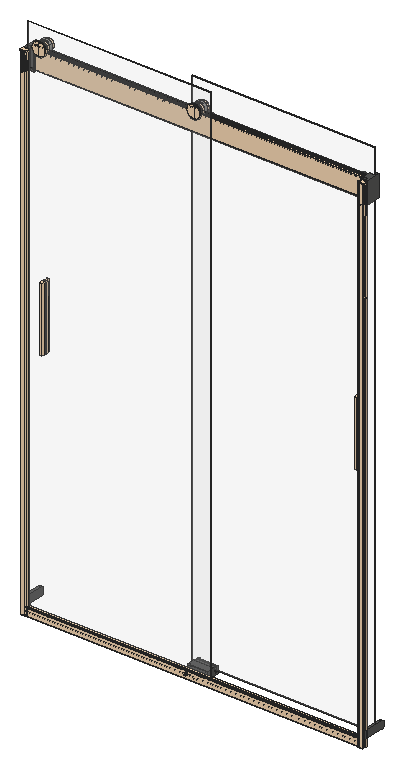
Revit family "Shower-Shower_Door-KOHLER-Levity-K-706010", category Specialty Equipment, host Face, Revit 2021 (continued)
Definition of nested family "K-706010"
  Automatic sketch dimensions
    Revolve 32 sketch curve to Revolve 32 sketch curve = 0.54333"
    Revolve 32 sketch curve to Revolve 32 sketch curve = 0.55037"
    Revolve 32 sketch curve to Revolve 32 sketch curve = 0"  (x2)
    Revolve 32 sketch curve to plane 1 "Center (Front/Back)" = 0.1364"
    Revolve 30 sketch curve to plane 7 = 0.79308"
    Revolve 30 sketch curve to Revolve 30 sketch curve = 0.293"
    Revolve 30 sketch curve to Revolve 30 sketch curve = 0.04068"  (x2)
    Revolve 30 sketch curve to Revolve 30 sketch curve = 0.12563"
    Revolve 30 sketch curve to plane 7 = 0.29308"
    Revolve 30 sketch curve to plane 19 = 4.93919"
    Revolve 30 sketch curve to Revolve 30 sketch curve = 0.65947"
    Revolve 30 sketch curve to Revolve 30 sketch curve = 0.00377"
    Revolve 30 sketch curve to Revolve 30 sketch curve = 0.2339"
    Revolve 30 sketch curve to Revolve 30 sketch curve = 0"  (x2)
    Revolve 30 sketch curve to Revolve 30 sketch curve = 0.04199"
    Revolve 30 sketch curve to plane 7 = 0.08323"
    plane 16 to Extrusion 1 sketch curve = 0.03401"  (x2)
    Extrusion 1 sketch curve to Extrusion 1 sketch curve = 0.16578"
    Extrusion 1 sketch curve to Extrusion 1 sketch curve = 0"
    Extrusion 1 sketch curve to plane 1 "Center (Front/Back)" = 0.72998"
    Extrusion 1 sketch curve to Extrusion 1 sketch curve = 0.1115"
    Extrusion 1 sketch curve to Extrusion 1 sketch curve = 0.07359"
    Revolve 39 sketch curve to plane 19 = 2.8048"
    Revolve 39 sketch curve to Revolve 39 sketch curve = 0.54575"
    Revolve 39 sketch curve to Revolve 39 sketch curve = 0"  (x2)
    Revolve 39 sketch curve to Revolve 39 sketch curve = 0.09672"
    plane 1 "Center (Front/Back)" to Revolve 37 sketch curve = 0.0201"
    Revolve 37 sketch curve to plane 1 "Center (Front/Back)" = 0.0188"
    Revolve 37 sketch curve to Revolve 37 sketch curve = 0.24493"
    Revolve 37 sketch curve to Revolve 37 sketch curve = 0.03327"
    Revolve 37 sketch curve to Revolve 37 sketch curve = 0.0288"  (x2)
    Revolve 37 sketch curve to plane 19 = 2.8048"
    Revolve 37 sketch curve to Revolve 37 sketch curve = 0.07512"
    Revolve 37 sketch curve to Revolve 37 sketch curve = 0.60283"
    Revolve 37 sketch curve to Revolve 37 sketch curve = 0.00447"
    Revolve 37 sketch curve to Revolve 37 sketch curve = 0"  (x2)
    Revolve 37 sketch curve to Revolve 37 sketch curve = 0.08894"
    plane 1 "Center (Front/Back)" to Revolve 38 sketch curve = 0.37311"
    plane 1 "Center (Front/Back)" to Revolve 38 sketch curve = 0.18553"
    Revolve 38 sketch curve to plane 1 "Center (Front/Back)" = 0.00205"
    Revolve 38 sketch curve to plane 19 = 2.8048"
    Revolve 38 sketch curve to Revolve 38 sketch curve = 0.51855"
    Revolve 38 sketch curve to Revolve 38 sketch curve = 0.22678"
    Revolve 38 sketch curve to Revolve 38 sketch curve = 0"  (x2)
    Revolve 38 sketch curve to Revolve 38 sketch curve = 0.4579"
    Revolve 40 sketch curve to plane 6 = 0.32419"
    Revolve 40 sketch curve to Revolve 40 sketch curve = 0.04025"  (x3)
    Revolve 40 sketch curve to Revolve 40 sketch curve = 0.1265"
    Revolve 40 sketch curve to Revolve 40 sketch curve = 1/2"
    Revolve 40 sketch curve to plane 19 = 2.8048"
    Revolve 40 sketch curve to Revolve 40 sketch curve = 0.66"
    Revolve 40 sketch curve to Revolve 40 sketch curve = 0.23715"
    Revolve 40 sketch curve to Revolve 40 sketch curve = 0"  (x3)
    Revolve 40 sketch curve to Revolve 40 sketch curve = 0.14201"
    Extrusion 2 sketch curve to plane 5 = 0.35305"
    Extrusion 2 sketch curve to Extrusion 2 sketch curve = 0"
    Extrusion 2 sketch curve to Extrusion 2 sketch curve = 0.33032"
    Extrusion 2 sketch curve to plane 9 "WT2" = 0.03312"  (x2)
    Extrusion 2 sketch curve to plane 6 = 0.82419"
    Extrusion 2 sketch curve to plane 9 "WT2" = 0.1067"
    Extrusion 2 sketch curve to Extrusion 2 sketch curve = 0.04247"
    Revolve 27 sketch curve to plane 7 = 0.79308"
    Revolve 27 sketch curve to Revolve 27 sketch curve = 0.293"
    Revolve 27 sketch curve to Revolve 27 sketch curve = 0.04068"  (x2)
    Revolve 27 sketch curve to Revolve 27 sketch curve = 0.12563"
    Revolve 27 sketch curve to plane 7 = 0.29308"
    Revolve 27 sketch curve to plane 19 = 4.93919"
    Revolve 27 sketch curve to Revolve 27 sketch curve = 0.65947"
    Revolve 27 sketch curve to Revolve 27 sketch curve = 0.00377"
    Revolve 27 sketch curve to Revolve 27 sketch curve = 0.2339"
    Revolve 27 sketch curve to Revolve 27 sketch curve = 0"  (x2)
    Revolve 27 sketch curve to Revolve 27 sketch curve = 0.04199"
    Revolve 27 sketch curve to plane 7 = 0.08323"
    Revolve 29 sketch curve to plane 1 "Center (Front/Back)" = 0.33326"
    Revolve 29 sketch curve to Revolve 29 sketch curve = 0.54333"
    Revolve 29 sketch curve to Revolve 29 sketch curve = 0.55037"
    Revolve 29 sketch curve to Revolve 29 sketch curve = 0"  (x2)
    Revolve 29 sketch curve to plane 1 "Center (Front/Back)" = 0.1364"
    Extrusion 1 sketch curve to Extrusion 1 sketch curve = 0.0435"
    Extrusion 19 sketch curve to plane 6 = 0.35866"
    Extrusion 19 sketch curve to Extrusion 19 sketch curve = 0.03437"
    level to Extrusion 19 sketch curve = 0.32256"
    Extrusion 19 sketch curve to Extrusion 19 sketch curve = 0.02954"
    Extrusion 19 sketch curve to Extrusion 19 sketch curve = 0.02789"
    Extrusion 19 sketch curve to Extrusion 19 sketch curve = 0.02373"
    Extrusion 19 sketch curve to Extrusion 19 sketch curve = 0.00354"
    level to Extrusion 19 sketch curve = 0.29167"
    Extrusion 19 sketch curve to Extrusion 19 sketch curve = 0.03174"
    Extrusion 19 sketch curve to plane 10 = 0.18154"
    Extrusion 19 sketch curve to plane 6 = 0.51442"
    Extrusion 19 sketch curve to Extrusion 19 sketch curve = 0.02778"
    level to Extrusion 19 sketch curve = 0.12548"
    Extrusion 19 sketch curve to Extrusion 19 sketch curve = 0.3176"
    Extrusion 19 sketch curve to Extrusion 19 sketch curve = 0.0324"
    level to Extrusion 19 sketch curve = 0.039"
    Extrusion 19 sketch curve to Extrusion 19 sketch curve = 0.04637"
    Extrusion 19 sketch curve to Extrusion 19 sketch curve = 0.00555"
    Extrusion 19 sketch curve to plane 10 = 0.18324"
    Extrusion 19 sketch curve to Extrusion 19 sketch curve = 0.34819"
    Extrusion 19 sketch curve to plane 10 = 0.18273"
    Extrusion 19 sketch curve to Extrusion 19 sketch curve = 0.02924"
    level to Extrusion 19 sketch curve = 0.22085"
    Extrusion 19 sketch curve to Extrusion 19 sketch curve = 0.05464"
    Extrusion 19 sketch curve to Extrusion 19 sketch curve = 0.08545"
    Extrusion 19 sketch curve to Extrusion 19 sketch curve = 0.19118"
    Extrusion 19 sketch curve to level = 0.00311"
    Extrusion 19 sketch curve to Extrusion 19 sketch curve = 0.05478"
    level to Extrusion 19 sketch curve = 0.2174"
    Extrusion 19 sketch curve to Extrusion 19 sketch curve = 0.08484"
    Extrusion 19 sketch curve to plane 10 = 0.01452"
    plane 1 "Center (Front/Back)" to Extrusion 19 sketch curve = 0.41145"
    Extrusion 19 sketch curve to Extrusion 19 sketch curve = 0.02362"
    plane 10 to Extrusion 19 sketch curve = 0.00789"
    Extrusion 19 sketch curve to plane 1 "Center (Front/Back)" = 0.68669"
    Extrusion 19 sketch curve to plane 10 = 0.01686"
    Extrusion 19 sketch curve to Extrusion 19 sketch curve = 0.02608"
    level to Extrusion 19 sketch curve = 0.21648"
    Extrusion 19 sketch curve to plane 1 "Center (Front/Back)" = 0.75509"
    Extrusion 19 sketch curve to Extrusion 19 sketch curve = 0.08388"
    Extrusion 19 sketch curve to Extrusion 19 sketch curve = 0.18811"
    level to Extrusion 19 sketch curve = 0.22484"
    Extrusion 19 sketch curve to Extrusion 19 sketch curve = 0.08951"
    plane 10 to Extrusion 19 sketch curve = 0.00185"
    Extrusion 19 sketch curve to Extrusion 19 sketch curve = 0.41809"
    plane 10 to Extrusion 19 sketch curve = 0.022"
    Extrusion 19 sketch curve to Extrusion 19 sketch curve = 0.02051"
    Extrusion 19 sketch curve to plane 10 = 0.00458"
    Extrusion 19 sketch curve to Extrusion 19 sketch curve = 0.13015"
    Extrusion 19 sketch curve to plane 10 = 0.00319"
    Extrusion 19 sketch curve to Extrusion 19 sketch curve = 0.24602"
    Extrusion 19 sketch curve to Extrusion 19 sketch curve = 0.0796"
    Extrusion 19 sketch curve to Extrusion 19 sketch curve = 0.08051"
    Extrusion 19 sketch curve to Extrusion 19 sketch curve = 0.0023"
    Revolve 28 sketch curve to plane 1 "Center (Front/Back)" = 0.02905"
    Revolve 28 sketch curve to plane 1 "Center (Front/Back)" = 0.21776"
    Revolve 28 sketch curve to Revolve 28 sketch curve = 0.18871"
    Revolve 28 sketch curve to plane 19 = 4.93919"
    Revolve 28 sketch curve to Revolve 28 sketch curve = 0.5167"
    Revolve 28 sketch curve to Revolve 28 sketch curve = 0.22863"
    plane 1 "Center (Front/Back)" to Revolve 28 sketch curve = 0.08344"
    Revolve 28 sketch curve to Revolve 28 sketch curve = 0"  (x2)
    Revolve 33 sketch curve to plane 1 "Center (Front/Back)" = 0.3258"
    Revolve 33 sketch curve to Revolve 33 sketch curve = 0.0288"  (x2)
    Revolve 33 sketch curve to Revolve 33 sketch curve = 0.03327"
    Revolve 33 sketch curve to plane 1 "Center (Front/Back)" = 0.0188"
    plane 1 "Center (Front/Back)" to Revolve 33 sketch curve = 0.0201"
    Revolve 33 sketch curve to plane 19 = 2.63511"
    Revolve 33 sketch curve to Revolve 33 sketch curve = 0.07512"
    Revolve 33 sketch curve to Revolve 33 sketch curve = 0.60283"
    Revolve 33 sketch curve to Revolve 33 sketch curve = 0.00447"
    Revolve 33 sketch curve to Revolve 33 sketch curve = 0.08894"
    Revolve 33 sketch curve to Revolve 33 sketch curve = 0"  (x2)
    curve 3 to curve 5 = 0"
    curve 4 to curve 6 = 0"
    curve 25 to curve 28 = 0"
    curve 26 to curve 28 = 0"
    curve 2 to plane 19 = 0"
    curve 14 to plane 10 = 0"
    plane 14 to curve 3 = 0"
    curve 202 to plane 25 = 0"
    curve 202 to plane 20 = 0"
    curve 28 to plane 21 = 0"
    curve 213 to plane 19 = 0"
    curve 29 to plane 9 "WT2" = 0"
    curve 31 to plane 9 "WT2" = 0"
    curve 30 to plane 9 "WT2" = 0"
    curve 208 to plane 25 = 0"
    curve 208 to plane 20 = 0"
    plane 8 "WT1" to curve 14 = 0"
    curve 214 to plane 19 = 0"
    plane 23 to curve 17 = 0"
    curve 21 to plane 4 = 0"
    curve 24 to plane 4 = 0"
    curve 23 to plane 4 = 0"
    curve 29 to plane 19 = 0"
    curve 9 to plane 5 = 0.78975"
    curve 8 to curve 7 = 0.00524"
    curve 202 to plane 14 = 0.09462"
    plane 15 to curve 204 = 0.18596"
    curve 208 to plane 12 = 3/16"
    curve 207 to plane 11 = 0.09633"
    plane 8 "WT1" to curve 18 = 0.24634"
    plane 8 "WT1" to curve 21 = 0.03134"
    level to curve 15 = 0.07489"
    level to curve 13 = 0.07489"
    curve 18 to plane 19 = 6.24167"
    curve 9 to plane 19 = 3.35527"
    curve 8 to curve 9 = 0.01544"
    curve 32 to curve 23 = 2.90185"
    curve 20 to curve 21 = 0.08"
    curve 7 to curve 1 = 0.08"
    curve 20 to curve 18 = 0.01602"
    curve 28 to plane 19 = 2.8048"
    curve 1 to curve 6 = 0.62471"
    curve 2 to plane 5 = 0.35305"
    curve 13 to plane 5 = 0.32045"
    curve 11 to plane 5 = 0.06117"
    curve 10 to plane 5 = 0"
    curve 12 to plane 5 = 0"
    curve 1 to plane 5 = 0"
    curve 202 to curve 205 = 0.05522"
    curve 206 to curve 201 = 0.05594"
    curve 213 to curve 29 = 0.03351"
    curve 208 to curve 211 = 0.05522"
    curve 212 to curve 209 = 0.05594"
    plane 23 to curve 214 = 0.02715"
    curve 19 to plane 23 = 0.00597"
    curve 16 to plane 4 = 0.06041"
    level to curve 16 = 0.07489"
    level to curve 11 = 0.07489"
    curve 31 to curve 25 = 3.20745"
    curve 25 to curve 25 = 0.9374"
    curve 25 to curve 27 = 0.04025"
    curve 22 to curve 15 = 0.25227"
    curve 4 to curve 3 = 0.9374"
    curve 3 to curve 6 = 0.04025"
    curve 30 to curve 18 = 0.22302"
    curve 12 to curve 11 = 0.104"
    curve 24 to curve 16 = 0.104"
    plane 4 to Extrusion 3 sketch curve = 0.07413"
    plane 6 to Extrusion 3 sketch curve = 0.0758"
    Extrusion 3 sketch curve to Extrusion 3 sketch curve = 0.11997"
    Extrusion 3 sketch curve to Extrusion 3 sketch curve = 0.10624"
    Extrusion 3 sketch curve to Extrusion 3 sketch curve = 0.04455"  (x2)
    Extrusion 3 sketch curve to plane 23 = 0.00926"  (x2)
    plane 6 to Extrusion 3 sketch curve = 0.00312"
    plane 8 "WT1" to Extrusion 3 sketch curve = 0.0929"
    plane 8 "WT1" to Extrusion 3 sketch curve = 0.08987"
    plane 8 "WT1" to Extrusion 3 sketch curve = 0.08759"
    Extrusion 3 sketch curve to Extrusion 3 sketch curve = 0.00577"
    Extrusion 3 sketch curve to Extrusion 3 sketch curve = 0.00422"
    Extrusion 3 sketch curve to Extrusion 3 sketch curve = 0.00212"
    Extrusion 3 sketch curve to Extrusion 3 sketch curve = 0.00078"
    Extrusion 3 sketch curve to Extrusion 3 sketch curve = 0.00066"
    plane 8 "WT1" to Extrusion 3 sketch curve = 0.02891"
    plane 6 to Extrusion 3 sketch curve = 0.01894"
    Extrusion 3 sketch curve to Extrusion 3 sketch curve = 0.0463"
    Extrusion 3 sketch curve to Extrusion 3 sketch curve = 0.03095"
    plane 6 to Extrusion 3 sketch curve = 0.05781"
    Extrusion 3 sketch curve to Extrusion 3 sketch curve = 0.00117"  (x2)
    Extrusion 3 sketch curve to Extrusion 3 sketch curve = 0.40725"
    Extrusion 3 sketch curve to Extrusion 3 sketch curve = 0.00924"
    Extrusion 3 sketch curve to Extrusion 3 sketch curve = 0.4884"
    Extrusion 3 sketch curve to Extrusion 3 sketch curve = 0.01683"
    Extrusion 3 sketch curve to Extrusion 3 sketch curve = 0.02649"
    Extrusion 3 sketch curve to Extrusion 3 sketch curve = 0.03073"
    plane 4 to Extrusion 4 sketch curve = 0.02117"
    Extrusion 4 sketch curve to Extrusion 4 sketch curve = 0.00037"
    plane 23 to Extrusion 4 sketch curve = 0.04444"
    Extrusion 4 sketch curve to Extrusion 4 sketch curve = 0.00039"
    plane 23 to Extrusion 4 sketch curve = 0.0428"
    Extrusion 4 sketch curve to Extrusion 4 sketch curve = 0.00036"
    plane 23 to Extrusion 4 sketch curve = 0.02198"  (x2)
    plane 23 to Extrusion 4 sketch curve = 0.00151"
    plane 23 to Extrusion 4 sketch curve = 0.00116"
    plane 23 to Extrusion 4 sketch curve = 0.00115"
    plane 23 to Extrusion 4 sketch curve = 0.00079"
    Extrusion 4 sketch curve to plane 8 "WT1" = 0.21104"
    Extrusion 4 sketch curve to plane 8 "WT1" = 0.21124"
    Extrusion 4 sketch curve to Extrusion 4 sketch curve = 0.00035"  (x2)
    Extrusion 4 sketch curve to Extrusion 4 sketch curve = 0.02032"
    plane 6 to Extrusion 4 sketch curve = 0.67225"
    Extrusion 4 sketch curve to Extrusion 4 sketch curve = 0.00484"
    Extrusion 4 sketch curve to Extrusion 4 sketch curve = 0.47951"
    Extrusion 4 sketch curve to plane 1 "Center (Front/Back)" = 0.53684"
    plane 1 "Center (Front/Back)" to Extrusion 4 sketch curve = 0.56815"
    plane 1 "Center (Front/Back)" to Extrusion 4 sketch curve = 0.59945"
    Extrusion 4 sketch curve to Extrusion 4 sketch curve = 0.32754"
    Extrusion 4 sketch curve to Extrusion 4 sketch curve = 0.00518"
    Extrusion 5 sketch curve to plane 23 = 0"  (x3)
    plane 4 to Extrusion 5 sketch curve = 0.01498"  (x4)
    Extrusion 5 sketch curve to Extrusion 5 sketch curve = 0.02"  (x3)
    Extrusion 5 sketch curve to Extrusion 5 sketch curve = 0.063"  (x2)
    Extrusion 5 sketch curve to Extrusion 5 sketch curve = 0"  (x3)
    Extrusion 5 sketch curve to Extrusion 5 sketch curve = 0.023"
    Extrusion 5 sketch curve to Extrusion 5 sketch curve = 0.057"
    Extrusion 5 sketch curve to Extrusion 5 sketch curve = 0.03"  (x2)
    Extrusion 5 sketch curve to Extrusion 5 sketch curve = 0.083"
    plane 23 to Extrusion 5 sketch curve = 0.126"
    plane 23 to Extrusion 5 sketch curve = 0.063"  (x2)
    Extrusion 5 sketch curve to Extrusion 5 sketch curve = 0.137"  (x2)
    plane 6 to Extrusion 5 sketch curve = 0.06"  (x2)
    Extrusion 5 sketch curve to Extrusion 5 sketch curve = 0.04789"
    Extrusion 5 sketch curve to Extrusion 5 sketch curve = 0.05164"
    plane 6 to Extrusion 5 sketch curve = 0.0868"
    Extrusion 5 sketch curve to Extrusion 5 sketch curve = 0.00656"
    Extrusion 5 sketch curve to Extrusion 5 sketch curve = 0.00618"
    Extrusion 5 sketch curve to Extrusion 5 sketch curve = 0.031"  (x2)
    Extrusion 5 sketch curve to Extrusion 5 sketch curve = 0.01334"
    Extrusion 5 sketch curve to Extrusion 5 sketch curve = 0.024"  (x2)
    Extrusion 5 sketch curve to Extrusion 5 sketch curve = 0.04119"
    Extrusion 5 sketch curve to Extrusion 5 sketch curve = 0.32665"
    Extrusion 5 sketch curve to Extrusion 5 sketch curve = 0.04216"
    Extrusion 5 sketch curve to Extrusion 5 sketch curve = 0.01399"
    Extrusion 5 sketch curve to Extrusion 5 sketch curve = 0.055"  (x2)
    Extrusion 5 sketch curve to Extrusion 5 sketch curve = 0.09"
    Extrusion 5 sketch curve to Extrusion 5 sketch curve = 0.06"  (x3)
    Extrusion 5 sketch curve to Extrusion 5 sketch curve = 0.23687"
    plane 1 "Center (Front/Back)" to Extrusion 5 sketch curve = 0.50181"
    Extrusion 5 sketch curve to Extrusion 5 sketch curve = 0.243"
    Extrusion 5 sketch curve to Extrusion 5 sketch curve = 0.085"
    plane 4 to Extrusion 6 sketch curve = 0.03498"
    Extrusion 6 sketch curve to Extrusion 6 sketch curve = 0.0199"  (x2)
    Extrusion 6 sketch curve to Extrusion 6 sketch curve = 0.0161"
    plane 4 to Extrusion 6 sketch curve = 0.07098"
    Extrusion 6 sketch curve to Extrusion 6 sketch curve = 0.12215"
    Extrusion 6 sketch curve to Extrusion 6 sketch curve = 0.12313"
    Extrusion 6 sketch curve to Extrusion 6 sketch curve = 0.02087"
    plane 6 to Extrusion 6 sketch curve = 0.11881"
    Extrusion 6 sketch curve to Extrusion 6 sketch curve = 0.07087"
    Extrusion 6 sketch curve to Extrusion 6 sketch curve = 0.24004"
    Extrusion 6 sketch curve to Extrusion 6 sketch curve = 0.04605"
    Extrusion 7 sketch curve to Extrusion 7 sketch curve = 0.063"
    plane 6 to Extrusion 7 sketch curve = 0.06"
    Extrusion 7 sketch curve to Extrusion 7 sketch curve = 0"  (x2)
    plane 4 to Extrusion 7 sketch curve = 0.07798"  (x2)
    plane 4 to Extrusion 7 sketch curve = 0.03168"
    plane 4 to Extrusion 7 sketch curve = 0.02977"
    Extrusion 7 sketch curve to Extrusion 7 sketch curve = 0.00673"
    Extrusion 7 sketch curve to Extrusion 7 sketch curve = 0.00653"
    Extrusion 7 sketch curve to Extrusion 7 sketch curve = 0.02609"
    Extrusion 7 sketch curve to Extrusion 7 sketch curve = 0.031"
    Extrusion 7 sketch curve to Extrusion 7 sketch curve = 0.01367"
    Extrusion 7 sketch curve to Extrusion 7 sketch curve = 0.41"
    Extrusion 7 sketch curve to Extrusion 7 sketch curve = 0.01479"
    Extrusion 7 sketch curve to Extrusion 7 sketch curve = 0.024"
    Extrusion 7 sketch curve to Extrusion 7 sketch curve = 0.055"
    Extrusion 8 sketch curve to plane 4 = 0"
    plane 6 to Extrusion 8 sketch curve = 0"
    plane 8 "WT1" to Extrusion 8 sketch curve = 0.10805"  (x2)
    plane 8 "WT1" to Extrusion 8 sketch curve = 0.06426"
    plane 8 "WT1" to Extrusion 8 sketch curve = 0.06315"
    Extrusion 8 sketch curve to plane 8 "WT1" = 0.03134"
    plane 6 to Extrusion 8 sketch curve = 0.10462"
    Extrusion 8 sketch curve to Extrusion 8 sketch curve = 0.09439"
    Extrusion 8 sketch curve to Extrusion 8 sketch curve = 0.24197"
    Extrusion 8 sketch curve to Extrusion 8 sketch curve = 0.09369"
    plane 6 to Extrusion 8 sketch curve = 0.64"
    Masking region 1 sketch curve to plane 18 = 0"
    Masking region 1 sketch curve to plane 17 = 0.00009"
    plane 16 to Masking region 1 sketch curve = 0.19978"
    plane 16 to Masking region 1 sketch curve = 0.03401"  (x2)
    Masking region 1 sketch curve to Masking region 1 sketch curve = 0.2339"  (x3)
    Masking region 1 sketch curve to Masking region 1 sketch curve = 0.16289"
    Masking region 1 sketch curve to Masking region 1 sketch curve = 0.00156"  (x2)
    Masking region 1 sketch curve to Masking region 1 sketch curve = 0.16445"
    Masking region 1 sketch curve to Masking region 1 sketch curve = 0.05378"
    Masking region 1 sketch curve to plane 12 = 0.65368"
    Masking region 1 sketch curve to plane 7 = 0.29308"  (x2)
    Masking region 1 sketch curve to Masking region 1 sketch curve = 0.04065"  (x7)
    Masking region 1 sketch curve to plane 12 = 0.43182"
    Masking region 1 sketch curve to Masking region 1 sketch curve = 0.00269"  (x2)
    Masking region 1 sketch curve to Masking region 1 sketch curve = 0.0563"
    Masking region 1 sketch curve to Masking region 1 sketch curve = 0.16335"  (x2)
    Masking region 1 sketch curve to Masking region 1 sketch curve = 0.00113"  (x2)
    Masking region 1 sketch curve to plane 12 = 0.12947"
    Masking region 1 sketch curve to Masking region 1 sketch curve = 0.03109"
    plane 12 to Masking region 1 sketch curve = 0.10203"
    Masking region 1 sketch curve to Masking region 1 sketch curve = 0.02831"
    plane 11 to Masking region 1 sketch curve = 0.54877"
    Masking region 1 sketch curve to Masking region 1 sketch curve = 0.10973"
    Masking region 1 sketch curve to Masking region 1 sketch curve = 0.00361"
    Masking region 1 sketch curve to Masking region 1 sketch curve = 0"
    plane 23 to Masking region 1 sketch curve = 0.02715"  (x2)
    Masking region 1 sketch curve to Masking region 1 sketch curve = 0.01004"
    Masking region 1 sketch curve to plane 7 = 0.33375"  (x2)
    Masking region 1 sketch curve to Masking region 1 sketch curve = 0.12556"  (x2)
    Masking region 1 sketch curve to Masking region 1 sketch curve = 0.1257"  (x2)
    Masking region 1 sketch curve to Masking region 1 sketch curve = 0.04077"  (x2)
    Masking region 1 sketch curve to Masking region 1 sketch curve = 0.293"  (x3)
    Masking region 1 sketch curve to Masking region 1 sketch curve = 0.1115"
    Masking region 1 sketch curve to Masking region 1 sketch curve = 0.223"  (x2)
    Masking region 1 sketch curve to Masking region 1 sketch curve = 0.2"  (x4)
    Masking region 1 sketch curve to Masking region 1 sketch curve = 0.04517"  (x2)
    Masking region 1 sketch curve to Masking region 1 sketch curve = 0.04067"
    plane 23 to Masking region 1 sketch curve = 0.10073"
    Masking region 1 sketch curve to Masking region 1 sketch curve = 0.04247"
    Masking region 4 sketch curve to plane 5 = 0"
    plane 6 to Masking region 4 sketch curve = 0"  (x2)
    Masking region 4 sketch curve to plane 24 "Fix" = 0"  (x2)
    Masking region 4 sketch curve to plane 8 "WT1" = 0"
    Masking region 4 sketch curve to plane 23 = 0"  (x2)
    Masking region 4 sketch curve to plane 7 = 0"
    Masking region 4 sketch curve to plane 5 = 0.36"  (x2)
    Masking region 4 sketch curve to Masking region 4 sketch curve = 0.65036"
    Masking region 4 sketch curve to Masking region 4 sketch curve = 0.0449"
    Masking region 4 sketch curve to Masking region 4 sketch curve = 0.09393"
    Masking region 4 sketch curve to Masking region 4 sketch curve = 0.62443"
    Masking region 4 sketch curve to Masking region 4 sketch curve = 0.62463"
    Masking region 4 sketch curve to plane 1 "Center (Front/Back)" = 0.58847"
    Masking region 4 sketch curve to Masking region 4 sketch curve = 0.00035"  (x3)
    plane 1 "Center (Front/Back)" to Masking region 4 sketch curve = 0.53684"
    Masking region 4 sketch curve to Masking region 4 sketch curve = 0.02032"  (x2)
    Masking region 4 sketch curve to Masking region 4 sketch curve = 0.02012"
    Masking region 4 sketch curve to Masking region 4 sketch curve = 0.59845"
    Masking region 4 sketch curve to Masking region 4 sketch curve = 0.00255"
    Masking region 4 sketch curve to Masking region 4 sketch curve = 0.16508"
    plane 15 to Masking region 4 sketch curve = 0.26633"
    Masking region 4 sketch curve to Masking region 4 sketch curve = 0.16296"
    Masking region 4 sketch curve to plane 9 "WT2" = 0.03312"
    Masking region 4 sketch curve to plane 9 "WT2" = 0.00889"
    Masking region 4 sketch curve to plane 12 = 0.65368"
    Masking region 4 sketch curve to Masking region 4 sketch curve = 0.04065"  (x6)
    Masking region 4 sketch curve to plane 12 = 0.43182"
    Masking region 4 sketch curve to Masking region 4 sketch curve = 0.00269"  (x2)
    Masking region 4 sketch curve to Masking region 4 sketch curve = 0.2339"  (x2)
    Masking region 4 sketch curve to Masking region 4 sketch curve = 0.0563"
    Masking region 4 sketch curve to Masking region 4 sketch curve = 0.16335"  (x2)
    Masking region 4 sketch curve to Masking region 4 sketch curve = 0.00113"  (x2)
    Masking region 4 sketch curve to plane 12 = 0.12947"
    Masking region 4 sketch curve to Masking region 4 sketch curve = 0.03109"
    plane 12 to Masking region 4 sketch curve = 0.10203"
    Masking region 4 sketch curve to Masking region 4 sketch curve = 0.02831"
    plane 11 to Masking region 4 sketch curve = 0.54877"
    Masking region 4 sketch curve to Masking region 4 sketch curve = 0.10973"
    Masking region 4 sketch curve to Masking region 4 sketch curve = 0.00361"
    Masking region 4 sketch curve to Masking region 4 sketch curve = 0"
    plane 8 "WT1" to Masking region 4 sketch curve = 0.23136"  (x2)
    Masking region 4 sketch curve to Masking region 4 sketch curve = 0.01977"
    Masking region 4 sketch curve to Masking region 4 sketch curve = 0.01996"
    plane 8 "WT1" to Masking region 4 sketch curve = 0.03078"
    Masking region 4 sketch curve to plane 8 "WT1" = 0.06315"
    Masking region 4 sketch curve to plane 8 "WT1" = 0.10805"
    Masking region 4 sketch curve to plane 6 = 0.10462"  (x2)
    Masking region 4 sketch curve to Masking region 4 sketch curve = 0.01024"
    Masking region 4 sketch curve to Masking region 4 sketch curve = 0.09439"  (x2)
    Masking region 4 sketch curve to Masking region 4 sketch curve = 0.60699"
    plane 1 "Center (Front/Back)" to Masking region 4 sketch curve = 0.8719"
    plane 1 "Center (Front/Back)" to Masking region 4 sketch curve = 0.69887"  (x2)
    Masking region 4 sketch curve to Masking region 4 sketch curve = 0.18215"
    Masking region 4 sketch curve to Masking region 4 sketch curve = 0.39226"
    Masking region 4 sketch curve to Masking region 4 sketch curve = 0.15112"
    Masking region 4 sketch curve to Masking region 4 sketch curve = 0.33506"
    Masking region 4 sketch curve to Masking region 4 sketch curve = 0.2"  (x3)
    Masking region 4 sketch curve to Masking region 4 sketch curve = 0.04568"
    Masking region 4 sketch curve to Masking region 4 sketch curve = 0.06354"
    Masking region 4 sketch curve to Masking region 4 sketch curve = 0.24568"
    Masking region 4 sketch curve to plane 1 "Center (Front/Back)" = 0.48481"  (x3)
    Masking region 4 sketch curve to Masking region 4 sketch curve = 0.04517"  (x2)
    Masking region 4 sketch curve to Masking region 4 sketch curve = 0.08334"
    Masking region 4 sketch curve to plane 1 "Center (Front/Back)" = 0.59937"
    Masking region 4 sketch curve to plane 1 "Center (Front/Back)" = 0.59943"
    Masking region 4 sketch curve to Masking region 4 sketch curve = 0.223"
    Masking region 4 sketch curve to Masking region 4 sketch curve = 0.293"  (x2)
    Masking region 4 sketch curve to plane 7 = 0.38347"
    Masking region 4 sketch curve to Masking region 4 sketch curve = 0.1257"  (x2)
    Masking region 4 sketch curve to plane 7 = 0.30725"
    Masking region 4 sketch curve to Masking region 4 sketch curve = 0.00413"
    Masking region 4 sketch curve to plane 7 = 0.00126"
    Masking region 4 sketch curve to plane 9 "WT2" = 0.1067"
    Masking region 4 sketch curve to Masking region 4 sketch curve = 0.06153"
    Revolve 42 sketch curve to plane 19 = 2.63511"
    Revolve 42 sketch curve to Revolve 42 sketch curve = 0.71325"
    Revolve 42 sketch curve to Revolve 42 sketch curve = 0.00251"
    plane 1 "Center (Front/Back)" to Revolve 42 sketch curve = 0.49887"
    Revolve 42 sketch curve to Revolve 42 sketch curve = 0.19683"
    Revolve 42 sketch curve to Revolve 42 sketch curve = 0.14591"
    Revolve 42 sketch curve to Revolve 42 sketch curve = 0.24263"
    Revolve 42 sketch curve to Revolve 42 sketch curve = 0"
    Revolve 35 sketch curve to Revolve 35 sketch curve = 0.14591"
    Revolve 35 sketch curve to Revolve 35 sketch curve = 0.00243"
    plane 1 "Center (Front/Back)" to Revolve 43 sketch curve = 0.6957"
    Revolve 43 sketch curve to plane 19 = 2.8048"
    Revolve 43 sketch curve to Revolve 43 sketch curve = 0.71325"
    Revolve 43 sketch curve to Revolve 43 sketch curve = 0.00251"
    Revolve 43 sketch curve to Revolve 43 sketch curve = 0.19683"
    Revolve 43 sketch curve to Revolve 43 sketch curve = 0.14591"
    Revolve 43 sketch curve to Revolve 43 sketch curve = 0.24263"
    Revolve 43 sketch curve to Revolve 43 sketch curve = 0"
    plane 1 "Center (Front/Back)" to Revolve 39 sketch curve = 0.35296"
    Revolve 39 sketch curve to Revolve 39 sketch curve = 0.14591"
    Revolve 39 sketch curve to Revolve 39 sketch curve = 0.00243"
    Revolve 44 sketch curve to plane 1 "Center (Front/Back)" = 0.52998"
    Revolve 44 sketch curve to Revolve 44 sketch curve = 0.19512"
    Revolve 44 sketch curve to plane 19 = 4.93919"
    Revolve 44 sketch curve to Revolve 44 sketch curve = 0.71325"
    Revolve 44 sketch curve to Revolve 44 sketch curve = 0.00197"
    Revolve 44 sketch curve to Revolve 44 sketch curve = 0.19672"
    Revolve 44 sketch curve to plane 1 "Center (Front/Back)" = 0.1364"
    Revolve 44 sketch curve to Revolve 44 sketch curve = 0"
    Revolve 32 sketch curve to plane 19 = 4.93919"
    Revolve 32 sketch curve to Revolve 32 sketch curve = 0.19672"
    Revolve 31 sketch curve to plane 1 "Center (Front/Back)" = 0.02905"
    Revolve 31 sketch curve to plane 1 "Center (Front/Back)" = 0.21776"
    Revolve 31 sketch curve to Revolve 31 sketch curve = 0.18871"
    Revolve 31 sketch curve to plane 19 = 4.93919"
    Revolve 31 sketch curve to Revolve 31 sketch curve = 0.5167"
    Revolve 31 sketch curve to Revolve 31 sketch curve = 0.22863"
    plane 1 "Center (Front/Back)" to Revolve 31 sketch curve = 0.08344"
    Revolve 31 sketch curve to Revolve 31 sketch curve = 0"  (x2)
    Revolve 45 sketch curve to plane 1 "Center (Front/Back)" = 0.52998"
    Revolve 45 sketch curve to Revolve 45 sketch curve = 0.19512"
    Revolve 45 sketch curve to plane 19 = 4.93919"
    Revolve 45 sketch curve to Revolve 45 sketch curve = 0.71325"
    Revolve 45 sketch curve to Revolve 45 sketch curve = 0.00197"
    Revolve 45 sketch curve to Revolve 45 sketch curve = 0.19672"
    Revolve 45 sketch curve to plane 1 "Center (Front/Back)" = 0.1364"
    Revolve 45 sketch curve to Revolve 45 sketch curve = 0"
    Revolve 29 sketch curve to plane 19 = 4.93919"
    Revolve 29 sketch curve to Revolve 29 sketch curve = 0.19672"
    Masking region 2 sketch curve to level = 0"
    Masking region 2 sketch curve to plane 19 = 0"
    plane 23 to Masking region 2 sketch curve = 0"
    level to Masking region 2 sketch curve = 0.07489"  (x2)
    Masking region 2 sketch curve to plane 5 = 0.31895"
    Masking region 2 sketch curve to plane 5 = 0.33497"
    Masking region 2 sketch curve to plane 23 = 0.00597"
    plane 10 to Masking region 2 sketch curve = 1.08824"
    Masking region 2 sketch curve to plane 19 = 3.24381"  (x2)
    Extrusion 41 sketch curve to plane 5 = 0"
    plane 6 to Extrusion 41 sketch curve = 0"
    Extrusion 41 sketch curve to plane 5 = 0.82212"
    Extrusion 41 sketch curve to plane 6 = 0.64"
    curve 186 to plane 5 = 0"
    curve 180 to plane 5 = 0"
    curve 182 to plane 5 = 0"
    curve 288 to plane 17 = 0"
    curve 289 to plane 18 = 0"
    curve 230 to plane 24 "Fix" = 0"
    curve 217 to plane 24 "Fix" = 0"
    curve 218 to plane 24 "Fix" = 0"
    curve 294 to plane 24 "Fix" = 0"
    curve 234 to plane 24 "Fix" = 0"
    curve 233 to plane 24 "Fix" = 0"
    curve 293 to plane 8 "WT1" = 0"
    curve 270 to plane 23 = 0"
    curve 265 to plane 23 = 0"
    curve 259 to plane 23 = 0"
    curve 254 to plane 4 = 0"
    curve 267 to plane 4 = 0"
    curve 260 to plane 4 = 0"
    curve 187 to plane 5 = 0.31229"
    curve 187 to curve 186 = 0.00039"
    curve 181 to plane 5 = 0.31393"
    curve 181 to curve 180 = 0.00036"
    curve 181 to curve 179 = 0.02082"
    curve 187 to curve 188 = 0.02246"
    curve 249 to curve 248 = 0.01831"
    curve 249 to curve 249 = 0.02128"
    curve 188 to curve 250 = 0.02158"
    curve 179 to curve 244 = 0.02525"
    curve 190 to curve 183 = 0.29036"
    curve 182 to curve 178 = 0.03301"
    curve 183 to curve 184 = 0.04379"
    curve 184 to curve 185 = 0.09559"
    curve 189 to curve 167 = 0.59133"
    curve 167 to curve 168 = 0.04078"
    curve 167 to curve 172 = 0.04078"
    curve 149 to plane 1 "Center (Front/Back)" = 0.00205"
    plane 14 to curve 149 = 0.74533"
    curve 148 to curve 150 = 0"
    curve 150 to curve 200 = 0.02033"
    curve 159 to plane 1 "Center (Front/Back)" = 0.29353"
    curve 157 to curve 159 = 0.01031"
    curve 159 to curve 160 = 0.0249"
    curve 159 to plane 1 "Center (Front/Back)" = 0.3258"
    curve 159 to curve 159 = 0.03227"
    plane 1 "Center (Front/Back)" to curve 150 = 0.18553"
    curve 157 to curve 150 = 0.20601"
    curve 173 to plane 15 = 0.09867"
    plane 15 to curve 175 = 0.10174"
    plane 15 to curve 151 = 0.23738"
    plane 15 to curve 153 = 0.26633"
    plane 15 to curve 161 = 0.40039"
    curve 158 to curve 162 = 0.00737"
    curve 162 to curve 161 = 0.0249"
    curve 156 to plane 1 "Center (Front/Back)" = 0.0188"
    curve 162 to curve 156 = 0.03522"
    curve 146 to curve 148 = 0.19696"
    curve 156 to curve 149 = 0.02033"
    curve 175 to curve 165 = 0.51337"
    curve 172 to curve 165 = 0"
    curve 165 to curve 166 = 0.04028"
    plane 24 "Fix" to curve 284 = 0.67909"
    curve 281 to curve 280 = 0.04078"
    curve 283 to curve 282 = 0.04078"
    curve 223 to plane 22 "Fixed" = 0.50233"
    curve 237 to plane 1 "Center (Front/Back)" = 0.00205"
    curve 237 to curve 224 = 0"
    curve 224 to curve 220 = 0.02033"
    curve 223 to curve 227 = 0.03207"
    curve 225 to plane 1 "Center (Front/Back)" = 0.29879"
    curve 220 to curve 225 = 0.01558"
    curve 225 to curve 225 = 0.02701"
    curve 220 to curve 226 = 0.05318"
    curve 224 to plane 22 "Fixed" = 0.28019"
    plane 21 to curve 236 = 0.51461"
    curve 236 to curve 219 = 0.16781"
    curve 219 to curve 239 = 0.01109"
    curve 236 to curve 229 = 0.19864"
    curve 238 to plane 1 "Center (Front/Back)" = 0.29244"
    curve 239 to curve 238 = 0.02227"
    curve 221 to plane 1 "Center (Front/Back)" = 0.0188"
    curve 239 to curve 221 = 0.0315"
    curve 227 to curve 223 = 0.03207"
    curve 221 to curve 237 = 0.02033"
    curve 229 to curve 242 = 0.18346"
    curve 242 to curve 282 = 0.00044"
    curve 240 to curve 241 = 0.03975"
    curve 244 to plane 9 "WT2" = 0.03312"
    plane 8 "WT1" to curve 253 = 0.03134"
    curve 252 to plane 8 "WT1" = 0.06426"
    curve 254 to plane 8 "WT1" = 0.10805"
    curve 270 to plane 23 = 0.00079"
    curve 265 to plane 23 = 0.0011"
    curve 270 to curve 268 = 0.02119"
    curve 265 to curve 256 = 0.02088"
    curve 256 to curve 257 = 0.02045"
    curve 256 to curve 258 = 0.02082"
    curve 268 to curve 267 = 0.02206"
    curve 268 to curve 269 = 0.02246"
    curve 263 to plane 4 = 0.13198"
    curve 262 to curve 264 = 0.057"
    curve 257 to plane 4 = 0.02154"
    curve 260 to plane 4 = 0.02117"
    curve 146 to curve 153 = 0.12576"
    plane 1 "Center (Front/Back)" to curve 227 = 0.49887"
    plane 1 "Center (Front/Back)" to curve 256 = 0.56866"
    plane 1 "Center (Front/Back)" to curve 249 = 0.56866"
    curve 248 to curve 249 = 0.13021"
    curve 178 to curve 248 = 0.1115"
    curve 181 to curve 190 = 0.12629"
    curve 258 to curve 256 = 0.47951"
    curve 260 to curve 258 = 0.00449"
    curve 262 to curve 257 = 0.00225"
    curve 182 to curve 178 = 0.29569"
    curve 254 to curve 258 = 0.0579"
    curve 185 to curve 182 = 0.10532"
    curve 252 to curve 254 = 0.10532"
    curve 253 to curve 252 = 0.00013"
    curve 280 to curve 243 = 0.293"
    curve 165 to curve 247 = 0.293"
    curve 242 to curve 242 = 0.04019"
    curve 171 to curve 165 = 0.04028"
    curve 168 to curve 165 = 0.04078"
    curve 281 to curve 280 = 0.04082"
    curve 251 to curve 252 = 0.09369"
    curve 183 to curve 184 = 0.09369"
    curve 283 to curve 281 = 0.1254"
    curve 169 to curve 167 = 0.12545"
    curve 170 to curve 166 = 0.12643"
    curve 241 to curve 241 = 0.12706"
    curve 173 to plane 6 = 0.33836"
    curve 175 to curve 173 = 0.00413"
    curve 170 to curve 170 = 0.04028"
    curve 282 to curve 283 = 0.04078"
    curve 174 to curve 175 = 0.03004"
    curve 227 to curve 223 = 0.12576"
    curve 275 to curve 158 = 0.05717"
    curve 238 to curve 238 = 0.03336"
    curve 270 to plane 1 "Center (Front/Back)" = 0.62063"
    curve 250 to plane 1 "Center (Front/Back)" = 0.62063"
    curve 268 to curve 269 = 0.32754"
    curve 188 to curve 188 = 0.32754"
    curve 295 to curve 190 = 0.00695"
    curve 250 to curve 250 = 0.00368"
    curve 249 to curve 249 = 0.00397"
    curve 248 to curve 248 = 0.05127"
    curve 190 to curve 295 = 0.06095"
    curve 163 to plane 1 "Center (Front/Back)" = 0.26786"
    curve 163 to curve 157 = 0.58925"
    curve 189 to curve 165 = 0.0133"
    plane 1 "Center (Front/Back)" to curve 155 = 0.18519"
    curve 160 to curve 163 = 0.0013"
    curve 150 to curve 147 = 0.02952"
    curve 147 to curve 247 = 0.05278"
    curve 148 to curve 154 = 0.19716"
    curve 146 to curve 152 = 0"
    curve 153 to curve 146 = 0.00093"
    curve 153 to curve 278 = 0.0001"
    curve 191 to curve 146 = 0.00034"
    curve 164 to curve 165 = 0.23715"
    curve 191 to curve 148 = 0.04936"
    curve 164 to curve 147 = 0.05132"
    plane 1 "Center (Front/Back)" to curve 279 = 0.18519"
    curve 165 to curve 246 = 0.01502"
    curve 177 to plane 6 = 0.3644"
    curve 176 to plane 6 = 0.49099"
    curve 289 to plane 17 = 0.00009"
    plane 17 to curve 291 = 0.22458"
    plane 17 to curve 287 = 0.27459"
    curve 291 to curve 290 = 0.05378"
    curve 291 to curve 292 = 0.16289"
    plane 18 to curve 292 = 0.38755"
    plane 18 to curve 290 = 0.27845"
    plane 18 to curve 287 = 0.27467"
    plane 18 to curve 291 = 0.22467"
    plane 18 to curve 288 = 0.00009"
    curve 228 to curve 227 = 0.00255"
    curve 228 to curve 285 = 0.05581"
    curve 224 to curve 278 = 0.19644"
    curve 274 to curve 223 = 0.19908"
    curve 243 to curve 242 = 15/64"
    plane 1 "Center (Front/Back)" to curve 273 = 0.18519"
    curve 242 to curve 255 = 0.01536"
    curve 238 to curve 230 = 0.41622"
    curve 223 to curve 235 = 0.38667"
    curve 294 to curve 230 = 0"
    curve 233 to curve 235 = 0"
    curve 218 to curve 294 = 0"
    curve 217 to curve 218 = 0"
    curve 245 to plane 9 "WT2" = 0.1067"
    curve 245 to plane 9 "WT2" = 0.00889"
    curve 197 to plane 12 = 0.65368"
    curve 198 to curve 197 = 0"
    curve 195 to plane 12 = 0.43182"
    curve 198 to curve 193 = 0.27455"
    curve 195 to curve 194 = 0.05647"
    curve 195 to curve 196 = 0.16558"
    curve 196 to curve 286 = 0.00159"
    curve 192 to plane 12 = 0.12947"
    plane 12 to curve 192 = 0.13034"
    plane 11 to curve 286 = 0.54877"
    curve 286 to curve 196 = 0.00148"
    curve 196 to curve 194 = 0.10973"
    curve 194 to curve 193 = 0.00361"
    curve 194 to curve 195 = 0.0563"
    curve 193 to curve 197 = 0.27424"
    curve 197 to curve 198 = 0.00031"
    plane 8 "WT1" to curve 266 = 0.23136"
    curve 263 to curve 262 = 0.01981"
    curve 262 to curve 264 = 0.00804"
    curve 261 to plane 4 = 0.01498"
    curve 154 to curve 155 = 0.202"
    curve 274 to curve 273 = 0.20205"
    curve 146 to curve 152 = 0.04568"
    curve 266 to curve 274 = 0.06595"
    plane 1 "Center (Front/Back)" to curve 234 = 0.45319"
    curve 232 to curve 235 = 0.04568"
    curve 145 to curve 154 = 0.12954"
    curve 244 to curve 245 = 0.26547"
    curve 228 to curve 227 = 0.2"
    curve 247 to curve 147 = 0.223"
    curve 244 to curve 245 = 0.1115"
    curve 190 to curve 295 = 0"
    curve 252 to curve 293 = 0.18472"
    curve 258 to curve 259 = 0.1081"
    curve 182 to curve 180 = 0.0316"
    curve 253 to plane 6 = 0.11486"
    curve 185 to plane 6 = 0.10462"
    curve 277 to plane 1 "Center (Front/Back)" = 0.01781"
    curve 156 to curve 276 = 0.02552"
    curve 221 to curve 272 = 0.02626"
    curve 277 to curve 199 = 0.03029"
    curve 272 to curve 271 = 0.22275"
    curve 271 to curve 266 = 0.217"
    curve 286 to plane 1 "Center (Front/Back)" = 0.48481"
    curve 163 to curve 145 = 0.21695"
    curve 238 to curve 230 = 0.19237"
    curve 286 to curve 196 = 0.04517"
    curve 292 to plane 1 "Center (Front/Back)" = 0.52998"
    curve 230 to curve 294 = 0.22796"
    curve 292 to curve 291 = 0.2"
    curve 196 to curve 195 = 0.2"
    curve 195 to curve 194 = 0.223"
    curve 291 to curve 290 = 0.223"
    curve 267 to curve 267 = 0.00518"
    curve 186 to curve 186 = 0.00546"
    curve 294 to curve 217 = 0.41809"
    curve 290 to curve 287 = 0.293"
    curve 194 to curve 193 = 0.293"
    curve 193 to curve 198 = 0.04065"
    curve 287 to curve 289 = 0.04077"
    curve 217 to curve 218 = 0.1772"
    curve 198 to curve 197 = 0.12566"
    curve 289 to curve 288 = 0.12554"
    curve 192 to plane 7 = 0.29308"
    curve 134 to curve 68 = 0.4214"
    curve 67 to curve 97 = 0.78717"
    curve 65 to curve 135 = 0.0726"
    curve 65 to curve 140 = 0.22753"
    curve 136 to curve 66 = 0.25376"
    curve 139 to curve 56 = 0.33408"
    plane 1 "Center (Front/Back)" to curve 139 = 0.44511"
    curve 54 to curve 58 = 0.05971"
    curve 137 to curve 58 = 0.02428"
    plane 1 "Center (Front/Back)" to Extrusion 46 sketch curve = 0.47779"
    Extrusion 46 sketch curve to Extrusion 46 sketch curve = 0.09061"
    plane 1 "Center (Front/Back)" to Extrusion 46 sketch curve = 0.18519"
    plane 1 "Center (Front/Back)" to Extrusion 46 sketch curve = 0.15119"
    Extrusion 46 sketch curve to plane 1 "Center (Front/Back)" = 0.00351"
    Extrusion 46 sketch curve to plane 1 "Center (Front/Back)" = 0.20217"
    Extrusion 46 sketch curve to Extrusion 46 sketch curve = 0.45489"
    Extrusion 46 sketch curve to Extrusion 46 sketch curve = 0.26157"
    Extrusion 46 sketch curve to plane 1 "Center (Front/Back)" = 0.48481"
    Extrusion 46 sketch curve to plane 28 = 1.07364"
    Extrusion 46 sketch curve to Extrusion 46 sketch curve = 0.07358"
    Extrusion 46 sketch curve to Extrusion 46 sketch curve = 0.12523"
    plane 28 to Extrusion 46 sketch curve = 0.80142"
    Extrusion 46 sketch curve to Extrusion 46 sketch curve = 0.48994"
    Extrusion 46 sketch curve to Extrusion 46 sketch curve = 0.094"
    Extrusion 46 sketch curve to Extrusion 46 sketch curve = 0.64987"
    Extrusion 46 sketch curve to Extrusion 46 sketch curve = 0.087"
    Extrusion 46 sketch curve to Extrusion 46 sketch curve = 0.02642"
    Extrusion 46 sketch curve to Extrusion 46 sketch curve = 0.22987"
    Extrusion 46 sketch curve to plane 1 "Center (Front/Back)" = 0.21681"
    Extrusion 46 sketch curve to Extrusion 46 sketch curve = 0.09926"
    Extrusion 47 sketch curve to level = 0"
    Extrusion 47 sketch curve to plane 10 = 0"
    Extrusion 47 sketch curve to plane 6 = 0.115"
    level to Extrusion 47 sketch curve = 0.07489"
    Extrusion 47 sketch curve to Extrusion 47 sketch curve = 0.28302"
    Extrusion 47 sketch curve to Extrusion 47 sketch curve = 0.40798"
    Extrusion 48 sketch curve to plane 4 = 0"
    Extrusion 48 sketch curve to plane 8 "WT1" = 0.03925"
    Extrusion 48 sketch curve to plane 6 = 0.00032"
    plane 6 to Extrusion 48 sketch curve = 0.64032"
    Masking region 3 sketch curve to plane 20 = 0"  (x4)
    Masking region 3 sketch curve to plane 25 = 0"  (x4)
    Masking region 3 sketch curve to level = 0"  (x2)
    Masking region 3 sketch curve to plane 19 = 0"  (x2)
    Masking region 3 sketch curve to plane 6 = 0"
    Masking region 3 sketch curve to plane 6 = 0.00284"
    level to Masking region 3 sketch curve = 0.02064"
    Masking region 3 sketch curve to plane 6 = 0.115"
    Masking region 3 sketch curve to plane 6 = 0.32419"
    Masking region 3 sketch curve to Masking region 3 sketch curve = 0.04025"  (x3)
    Masking region 3 sketch curve to Masking region 3 sketch curve = 0.1265"
    Masking region 3 sketch curve to plane 6 = 0.63706"  (x2)
    Masking region 3 sketch curve to plane 10 = 0.08501"
    Masking region 3 sketch curve to plane 6 = 0.63709"
    level to Masking region 3 sketch curve = 0.07489"
    Masking region 3 sketch curve to Masking region 3 sketch curve = 0.50153"
    Masking region 3 sketch curve to Masking region 3 sketch curve = 0.03506"
    level to Masking region 3 sketch curve = 0.05028"
    Masking region 3 sketch curve to Masking region 3 sketch curve = 0.14423"
    Masking region 3 sketch curve to Masking region 3 sketch curve = 0.01039"
    Masking region 3 sketch curve to Masking region 3 sketch curve = 0.0324"
    Masking region 3 sketch curve to Masking region 3 sketch curve = 0.18713"
    Masking region 3 sketch curve to Masking region 3 sketch curve = 0.15207"
    Masking region 3 sketch curve to plane 6 = 0.82419"
    Masking region 3 sketch curve to Masking region 3 sketch curve = 0.1871"
    Masking region 3 sketch curve to plane 10 = 0.28209"
    Masking region 3 sketch curve to Masking region 3 sketch curve = 0.09717"
    level to Masking region 3 sketch curve = 0.22085"
    Masking region 3 sketch curve to Masking region 3 sketch curve = 0.10656"
    Masking region 3 sketch curve to Masking region 3 sketch curve = 0.1115"  (x3)
    Masking region 3 sketch curve to Masking region 3 sketch curve = 0.08545"
    Masking region 3 sketch curve to Masking region 3 sketch curve = 0.223"  (x6)
    plane 10 to Masking region 3 sketch curve = 0.01451"  (x4)
    Masking region 3 sketch curve to Masking region 3 sketch curve = 0.08244"
    Masking region 3 sketch curve to Masking region 3 sketch curve = 0.19118"
    Masking region 3 sketch curve to Masking region 3 sketch curve = 0.2"
    level to Masking region 3 sketch curve = 0.2174"
    Masking region 3 sketch curve to Masking region 3 sketch curve = 0.08484"
    Masking region 3 sketch curve to Masking region 3 sketch curve = 0.1973"
    Masking region 3 sketch curve to Masking region 3 sketch curve = 0.0033"
    Masking region 3 sketch curve to plane 10 = 0.01452"
    Masking region 3 sketch curve to Masking region 3 sketch curve = 0.00437"
    Masking region 3 sketch curve to Masking region 3 sketch curve = 0.02797"
    Masking region 3 sketch curve to plane 10 = 0.01613"
    Masking region 3 sketch curve to Masking region 3 sketch curve = 0.12576"
    plane 1 "Center (Front/Back)" to Masking region 3 sketch curve = 0.18553"
    plane 1 "Center (Front/Back)" to Masking region 3 sketch curve = 0.17887"
    Masking region 3 sketch curve to plane 1 "Center (Front/Back)" = 0.00205"  (x2)
    Masking region 3 sketch curve to plane 1 "Center (Front/Back)" = 0.0188"  (x2)
    Masking region 3 sketch curve to plane 1 "Center (Front/Back)" = 0.21009"
    Masking region 3 sketch curve to Masking region 3 sketch curve = 0.2418"
    Masking region 3 sketch curve to Masking region 3 sketch curve = 0.03862"
    Masking region 3 sketch curve to Masking region 3 sketch curve = 0.02659"  (x2)
    Masking region 3 sketch curve to plane 10 = 0.25544"
    Masking region 3 sketch curve to plane 1 "Center (Front/Back)" = 0.72527"
    Masking region 3 sketch curve to plane 1 "Center (Front/Back)" = 0.72998"
    Masking region 3 sketch curve to Masking region 3 sketch curve = 0.40418"
    Masking region 3 sketch curve to Masking region 3 sketch curve = 0.51989"
    level to Masking region 3 sketch curve = 0.21648"
    Masking region 3 sketch curve to Masking region 3 sketch curve = 0.02982"
    Masking region 3 sketch curve to Masking region 3 sketch curve = 0.08388"
    Masking region 3 sketch curve to plane 10 = 0.08711"
    Masking region 3 sketch curve to Masking region 3 sketch curve = 0.11621"
    Masking region 3 sketch curve to Masking region 3 sketch curve = 0.02283"  (x4)
    Masking region 3 sketch curve to Masking region 3 sketch curve = 0.18811"
    level to Masking region 3 sketch curve = 0.22484"
    Masking region 3 sketch curve to Masking region 3 sketch curve = 0.08951"
    Masking region 3 sketch curve to Masking region 3 sketch curve = 0.17809"
    Masking region 3 sketch curve to Masking region 3 sketch curve = 0.27017"  (x2)
    Masking region 3 sketch curve to Masking region 3 sketch curve = 0.04068"  (x6)
    Masking region 3 sketch curve to Masking region 3 sketch curve = 0.17605"
    Masking region 3 sketch curve to Masking region 3 sketch curve = 0.24586"
    Masking region 3 sketch curve to Masking region 3 sketch curve = 0.12563"  (x2)
    Masking region 3 sketch curve to plane 7 = 0.27308"
    Masking region 3 sketch curve to plane 7 = 0.25094"
    Masking region 3 sketch curve to Masking region 3 sketch curve = 0.18801"
    Masking region 3 sketch curve to Masking region 3 sketch curve = 0.00016"  (x2)
    Masking region 3 sketch curve to plane 7 = 0.00126"
    Masking region 3 sketch curve to Masking region 3 sketch curve = 0.05425"
    Masking region 3 sketch curve to Masking region 3 sketch curve = 0.0506"
    Masking region 3 sketch curve to Masking region 3 sketch curve = 0.08397"
    Masking region 3 sketch curve to Masking region 3 sketch curve = 0.0796"
    Masking region 3 sketch curve to Masking region 3 sketch curve = 0.03288"
    Masking region 3 sketch curve to Masking region 3 sketch curve = 0.08822"
    Masking region 3 sketch curve to Masking region 3 sketch curve = 0.0315"
    Masking region 3 sketch curve to Masking region 3 sketch curve = 0.24952"
    Masking region 3 sketch curve to Masking region 3 sketch curve = 0.57437"
    Masking region 3 sketch curve to Masking region 3 sketch curve = 0.00017"
    Masking region 3 sketch curve to Masking region 3 sketch curve = 0"  (x7)
    Masking region 3 sketch curve to plane 28 = 1.32532"
    Masking region 3 sketch curve to plane 28 = 1.30249"
    Masking region 3 sketch curve to Masking region 3 sketch curve = 0.27185"
    Masking region 3 sketch curve to Masking region 3 sketch curve = 0.36465"
    Masking region 3 sketch curve to Masking region 3 sketch curve = 0.2339"  (x2)
    Masking region 3 sketch curve to Masking region 3 sketch curve = 0.0043"  (x2)
    plane 28 to Masking region 3 sketch curve = 0.65895"
    Masking region 3 sketch curve to plane 27 = 0.56748"
    Masking region 3 sketch curve to Masking region 3 sketch curve = 0.03245"
    Masking region 3 sketch curve to Masking region 3 sketch curve = 0.08"
    Masking region 3 sketch curve to plane 27 = 0.43901"
    Masking region 3 sketch curve to Masking region 3 sketch curve = 0.029"  (x3)
    Masking region 3 sketch curve to plane 27 = 0.10412"
    plane 26 to Masking region 3 sketch curve = 0.07512"
    Masking region 3 sketch curve to Masking region 3 sketch curve = 0.41591"
    Masking region 3 sketch curve to Masking region 3 sketch curve = 0.02845"
    Masking region 3 sketch curve to Masking region 3 sketch curve = 0.11152"
    Masking region 3 sketch curve to Masking region 3 sketch curve = 0.15036"
    Masking region 3 sketch curve to Masking region 3 sketch curve = 0.01203"
    Masking region 3 sketch curve to Masking region 3 sketch curve = 0.16478"
    Masking region 3 sketch curve to Masking region 3 sketch curve = 0.00255"
    Masking region 3 sketch curve to Masking region 3 sketch curve = 0.03207"
    Masking region 3 sketch curve to Masking region 3 sketch curve = 0.23715"
    curve 139 to curve 139 = 0.02"
    radius of curve 95 = 0.13065"
    radius of curve 96 = 0.13065"
    radius of curve 97 = 0.13065"
    radius of curve 98 = 0.13065"
Types (7): name | Width | Walk Thru | Type | Model | Finish
  (no name) | 47.63497" | 21.06075" | 1 | "K-706010-L-2MB" | Kohler-Metal-2MB-Vibrant_Brushed_Moderne_Brass
  ABV-Anodized Brushed Bronze | 47 163/256" | 21 1/16" | 2 | "K-706010-L-ABV" | Kohler-Metal-ABV-Anodized_Brushed_Bronze
  ABZ-Anodized Dark Bronze | 47 163/256" | 21 1/16" | 3 | "K-706010-L-ABZ" | Kohler-Metal-ABZ-Anodized_Dark_Bronze
  2MB-Vibrant Brushed Moderne Brass | 47.63497" | 21.06075" | 1 | "K-706010-L-2MB" | Kohler-Metal-2MB-Vibrant_Brushed_Moderne_Brass
  BL-Matte Black | 47 163/256" | 21 1/16" | 4 | "K-706010-L-BL" | Kohler-Metal-BL-Matte_Black
  NX-Brushed Nickel | 47 163/256" | 21 1/16" | 5 | "K-706010-L-NX" | Kohler-Metal-NX-Brushed_Nickel
  SHP-Bright Polished Silver | 47 163/256" | 21 1/16" | 6 | "K-706010-L-SHP" | Kohler-Metal-SHP-Bright_Polished_Silver
